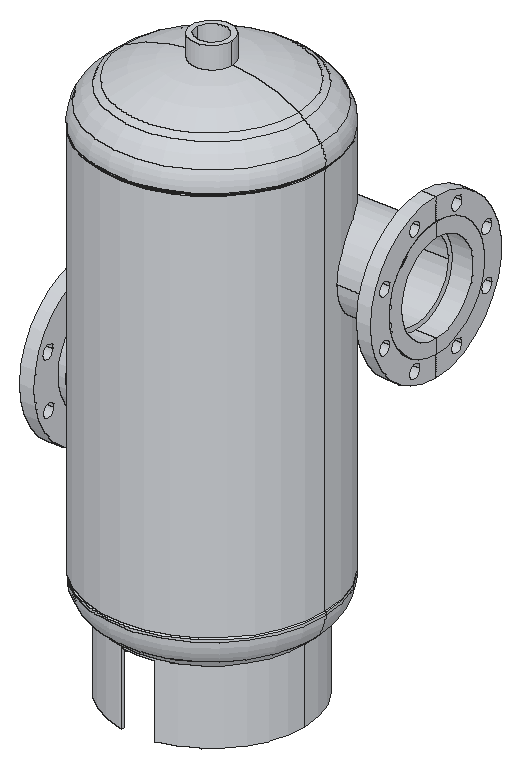
Revit family "SPA-5", category Generic Models, Revit 2014
Parameters (values of type "SPA-5")
  Width = 21 3/4"
  URL = "http://westank.com/"
  Model = "72016036"
  Maximum Flow = 530 GPM
  Manufacturer = "Wessels Company"
  Height = 36 1/4"
Reference planes (in)
  plane 1 "Center (Front/Back)": y = 0
  plane 2: z = 0
  plane 3 "Center (Left/Right)": x = 0
  plane 4: z = 18.625
  plane 5: z = 8.63334
Forms (in)
  Extrusion 1, solid
    sketch origin (0, 0, 0) x (1, 0, 0) y (0, 1, 0)
      loop
        circle (0, 0) r 5.75
      loop
        circle (0, 0) r 5.59935
    from 0 to 5.05136
  Extrusion 2, void
    sketch origin (0, 0, 0) x (1, 0, 0) y (0, 0, 1)
      loop
        line (-1, 4.4358) -> (-1, 0) -> (1, 0) -> (1, 4.4358) -> (-1, 4.4358)
    from 2.17919 to 6.59464
  Extrusion 3, solid
    sketch origin (0, 0, 0) x (1, 0, 0) y (0, 1, 0)
      loop
        circle (0, 0) r 0.87598
    from 2.125 to 3.72296
  Extrusion 4, solid
    sketch origin (0, 0, 0) x (1, 0, 0) y (0, 1, 0)
      loop
        circle (0, 0) r 0.6575
    from 2.0625 to 3.72296
  Extrusion 5, solid
    sketch origin (0, 0, 0) x (1, 0, 0) y (0, 1, 0)
      loop
        line (-0.405, 0.405) -> (-0.405, -0.405) -> (0.405, -0.405) -> (0.405, 0.405) -> (-0.405, 0.405)
    from 1.5625 to 3.72296
  Extrusion 6, solid
    sketch origin (0, -0.52344, 0) x (0, 1, 0) y (0, 0, 1)
      loop
        circle (4.27544, 24.375) r 2.78125
      loop
        circle (4.27544, 24.375) r 2.53372
    from 1.5 to 9.5625
  Extrusion 7, solid
    sketch origin (0, -0.52344, 1.5) x (0, 1, 0) y (0, 0, 1)
      loop
        circle (4.27544, 12.12504) r 2.78125
      loop
        circle (4.27544, 12.12504) r 2.53372
    from -9.5625 to -1.5
  Revolve 8, solid
    sketch origin (0, 0, 0) x (1, 0, 0) y (0, 0, 1)
      loop
        arc (-5.73703, 33.48699) -> (-6.27255, 33.02536) -> (-6.70967, 32.46966) r 3.6719
        arc (-6.70967, 32.46966) -> (-6.94988, 31.9166) -> (-7.00347, 31.31602) r 1.88811
        line (-7.00347, 31.31602) -> (-6.89563, 31.20817) -> (-6.89563, 31.15889) -> (-6.99589, 31.15889) -> (-6.99589, 6.81598) -> (-6.89973, 6.81598) -> (-6.89973, 6.77835) -> (-7, 6.69119)
        arc (-7, 6.69119) -> (-7.00039, 6.61795) -> (-7.00001, 6.5447) r 6.95157
        arc (-7.00001, 6.5447) -> (-6.83655, 5.79001) -> (-6.40722, 5.14818) r 2.06448
        arc (-6.40722, 5.14818) -> (-5.11009, 4.14487) -> (-3.59264, 3.52318) r 6.1028
        arc (-3.59264, 3.52318) -> (-1.86731, 3.17555) -> (-0.11416, 3.02031) r 15.93514
        line (-0.11416, 3.02031) -> (-0.11416, 3.12192)
        arc (-0.11416, 3.12192) -> (-1.85444, 3.27631) -> (-3.56711, 3.62148) r 15.83357
        arc (-3.56711, 3.62148) -> (-5.05931, 4.23283) -> (-6.33485, 5.21944) r 6.00124
        arc (-6.33485, 5.21944) -> (-6.76157, 5.87485) -> (-6.89851, 6.64485) r 1.96292
        line (-6.89851, 6.64485) -> (-6.79817, 6.73207) -> (-6.79817, 6.91754) -> (-6.89432, 6.91754) -> (-6.89432, 31.05733) -> (-6.79407, 31.05733) -> (-6.79407, 31.25024) -> (-6.90445, 31.36062)
        arc (-6.90445, 31.36062) -> (-6.84674, 31.90965) -> (-6.62417, 32.41485) r 1.78655
        arc (-6.62417, 32.41485) -> (-6.14211, 33.01349) -> (-5.54309, 33.49508) r 3.57034
        arc (-5.54309, 33.49508) -> (-5.32164, 33.64232) -> (-5.08935, 33.77177) r 3.39491
        arc (-5.08935, 33.77177) -> (-2.61782, 34.64421) -> (-0.00511, 34.85246) r 10.11692
        line (-0.00511, 34.85246) -> (-0.00511, 34.94105) -> (-1.22363, 34.94105)
        arc (-1.22363, 34.94105) -> (-3.35614, 34.57344) -> (-5.35238, 33.73811) r 9.6123
        arc (-5.35238, 33.73811) -> (-5.54701, 33.61607) -> (-5.73703, 33.48699) r 6.27391
      axis (0, 34.94105) -> (0, 3.02031)
    angle from 0 to 360
  Extrusion 9, solid
    sketch origin (-6, -180, 22.2985) x (-1, 0, 0) y (0, -1, 0)
      loop
        circle (-5.99489, -180) r 1.25
      loop
        circle (-6, -180) r 0.93701
    from 12.389 to 13.9515
  Revolve 10, solid
    sketch origin (0, 3.75005, 0) x (1, 0, 0) y (0, 0, 1)
      loop
        line (9.4375, 27.15738) -> (10.875, 27.15738) -> (10.875, 28.02954) -> (10.8125, 28.02954) -> (10.8125, 29.37891) -> (9.9375, 29.37891) -> (9.9375, 27.59375) -> (9.4375, 27.59375) -> (9.4375, 27.15738)
      axis (10.875, 24.375) -> (9.4375, 24.375)
    angle from 0 to 360
  Revolve 11, solid
    sketch origin (0, 3.75395, 0.875) x (1, 0, 0) y (0, 0, 1)
      loop
        line (-9.4375, 15.53132) -> (-9.4375, 15.96875) -> (-9.9375, 15.96875) -> (-9.9375, 17.75) -> (-10.8125, 17.75) -> (-10.8125, 16.40613) -> (-10.875, 16.40613) -> (-10.875, 15.53132) -> (-9.4375, 15.53132)
      axis (-9.4375, 12.75417) -> (-10.875, 12.75417)
    angle from 0 to 360
  Extrusion 12, void
    sketch origin (0, 0.00977, 1.375) x (0, 1, 0) y (0, 0, 1)
      loop
        circle (5.37664, 16.17285) r 0.42857
      loop
        circle (2.13135, 16.18222) r 0.42857
      loop
        circle (-0.21009, 13.87146) r 0.42857
      loop
        circle (-0.1486, 10.62803) r 0.42857
      loop
        circle (2.13801, 8.31688) r 0.42857
      loop
        circle (5.36831, 8.31448) r 0.42857
      loop
        circle (7.67695, 10.627) r 0.42857
      loop
        circle (7.68289, 13.87103) r 0.42857
    from -12.07338 to -8.39464
  Extrusion 13, void
    sketch origin (0, -0.27539, 12.43746) x (0, 1, 0) y (0, 0, 1)
      loop
        circle (5.62664, 15.87598) r 0.42857
      loop
        circle (2.38135, 15.86972) r 0.42857
      loop
        circle (0.07116, 13.55896) r 0.42857
      loop
        circle (0.07015, 10.31553) r 0.42857
      loop
        circle (2.38801, 8.00438) r 0.42857
      loop
        circle (5.61831, 8.00198) r 0.42857
      loop
        circle (7.94258, 10.3145) r 0.42857
      loop
        circle (7.93289, 13.57415) r 0.42857
    from 8.69694 to 11.66082
  Extrusion 14, void
    sketch origin (-6, -180, 22.2985) x (-1, 0, 0) y (0, -1, 0)
      loop
        circle (-6.00511, -180) r 0.93701
    from 11.96901 to 14.71388
  Extrusion 15, void
    sketch origin (0, 0, 0) x (0, 1, 0) y (0, 0, 1)
      loop
        circle (3.752, 24.375) r 2.53372
    from 0 to 8.19422
  Extrusion 16, void
    sketch origin (0, 0, 0) x (0, 1, 0) y (0, 0, 1)
      loop
        circle (3.752, 13.62504) r 2.53372
    from 0 to -7.90258
Cuts and joins
  Extrusion 2 cuts Extrusion 1
  Extrusion 14, Extrusion 15, Extrusion 16 cuts Revolve 8
  joined: Extrusion 1, Revolve 8
  Extrusion 12 cuts Revolve 11
  Extrusion 13 cuts Revolve 10
  Extrusion 15 cuts Extrusion 6
  Extrusion 16 cuts Extrusion 7
Dimensions and locks (in)
  locked: plane 4 to plane 5 at 9.99166
  equal spacing: plane 4, Revolve 11 sketch curve, plane 5
  diameter of Extrusion 1 sketch curve = 11 1/2"
  diameter of Extrusion 1 sketch curve = 11.1987"
  diameter of Extrusion 3 sketch curve = 1.75197"
  diameter of Extrusion 4 sketch curve = 1.315"
  diameter of Extrusion 6 sketch curve = 5 9/16"
  diameter of Extrusion 6 sketch curve = 5.06744"
  diameter of Extrusion 7 sketch curve = 5 9/16"
  diameter of Extrusion 7 sketch curve = 5.06744"
  diameter of Extrusion 9 sketch curve = 2 1/2"
  diameter of Extrusion 9 sketch curve = 1.87402"
  diameter of Extrusion 14 sketch curve = 1.87402"
  aligned and locked: plane 2 to level
  aligned and locked: Extrusion 15 sketch curve to Extrusion 6  (x2)
  aligned and locked: Extrusion 16 sketch curve to Extrusion 7  (x2)
Connectors (in)
  piping at (0, 0, 2.0625), diameter 1
    settings: on Extrusion 4, index 4, connector inside diameter 24", connector length 0", flow factor 0, pipe flow 0 GPM, pressure drop 0.00 psi, fitting loss kfactor 0, connector angle 0.00°, fixture units 0, engagement length 0", angle of deflection 0.00°, flow configuration 0, flow direction 0, fitting loss method 0, system type 7, joint type 0, gender type 0, connector reference index -1, connector utility 0, adjustable connector no, is connector primary yes, connector description ""
  piping at (-10.875, 3.75395, 13.62917), diameter 5.5
    settings: on Revolve 11, index 5, connector inside diameter 24", connector length 0", flow factor 0, pipe flow 0 GPM, pressure drop 0.00 psi, fitting loss kfactor 0, connector angle 0.00°, fixture units 0, engagement length 0", angle of deflection 0.00°, flow configuration 0, flow direction 0, fitting loss method 0, system type 7, joint type 0, gender type 0, connector reference index -1, connector utility 0, adjustable connector no, is connector primary no, connector description ""
  piping at (10.875, 3.75005, 24.375), diameter 5.5
    settings: on cut or joined group of Revolve 10, Extrusion 13, index 6, connector inside diameter 24", connector length 0", flow factor 0, pipe flow 0 GPM, pressure drop 0.00 psi, fitting loss kfactor 0, connector angle 0.00°, fixture units 0, engagement length 0", angle of deflection 0.00°, flow configuration 0, flow direction 0, fitting loss method 0, system type 7, joint type 0, gender type 0, connector reference index -1, connector utility 0, adjustable connector no, is connector primary no, connector description ""
